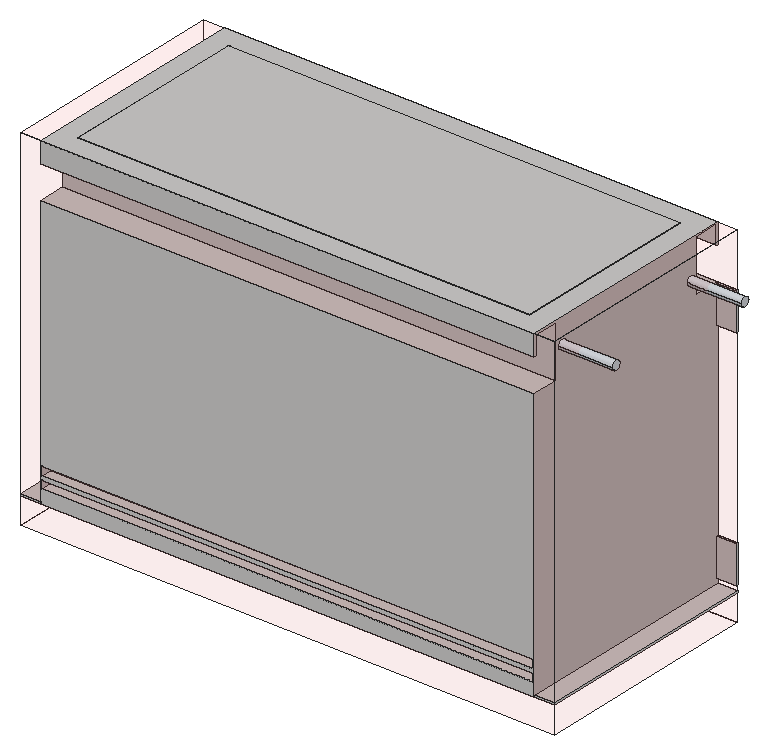
Revit family "Air-Curtain_Climate-Control_PoweredAire_THS", category Mechanical Equipment, host Face, Revit 2025
Family settings
  Host = Face
  Round Connector Dimension = Use Diameter
  Part Type = Normal
  OmniClass Number = 23.75.35.17.21
  OmniClass Title = Air Curtains
  Cut with Voids When Loaded = No
  Maintain Annotation Orientation = No
  Shared = No
  Room Calculation Point = No
Parameters
  upperrotation [instance] = if(Upper Pipe Connection Side A, 0.00°, 180.00°)  # 0.00°
  lowerrotation [instance] = if(Lower Pipe Connection Side A, 0.00°, 180.00°)  # 0.00°
  locateupperpipe [instance] = if(Upper Pipe Connection Side A, 0' 0", Nozzle Width)  # 0' - 0"
  locatelowerpipe [instance] = if(Lower Pipe Connection Side A, 0' 0", Nozzle Width)  # 0' - 0"
  Warranty Duration (Years) = 0
  Upper Pipe Connection Side A [instance] = yes
  Unit Width Notes = "Other Widths available."  # constant formula
  Unit Width = 3' - 3"
  Unit Weight = 0
  Unit Height = 1' - 4 3/4"
  Unit Depth [instance] = if(Include Filters, 2' 1 7/8", 1' 11 3/4")  # 1' - 11 3/4"
  URL = "http://www.poweredaire.com/"
  Test Data = ""
  Temperature Rise_Range = "as Specified"
  Standards Conformance = "as Specified"
  Specification = "http://www.arcat.com/sdspecs/htm04/23_34_33pai.htm"
  SpecWizard = ""
  Sound Pressure = "as Specified"
  Sales Information = "http://www.poweredaire.com/contact_us"
  Revision = "R1_2016-08"
  Projection from Host [instance] = 0' - 2"
  Product Properties = ""
  Product Data = "http://www.arcat.com/arcatcos/cos47/arc47623.html"
  Power Rating = 0 W
  Piping_Water Flow [instance] = 0 GPM
  Piping_Operating Pressure [instance] = 0.00 psi
  Piping_Exit Temperature [instance] = 0 °F
  Piping_Entry Temperature [instance] = 0 °F
  Pipe OD [instance] = 5/8"
  Outlet Volume_Range = "as Specified"
  Outlet Velocity_Range = "as Specified"
  Nozzle Width = if(1 = 1, Unit Width - 0' 3", 0' 0")  # 3' - 0"
  Mounting Width = if(1 = 1, Unit Width - 0' 1 1/2", 0' 0")  # 3' - 1 1/2"
  Mounting Height [instance] = 3' - 6"
  Motor RPM = 0
  Motor HP = 0
  Motor Count = 0
  Model = "As Specified"
  Max Height = 0' - 0"
  Manufacturer Website = "http://www.poweredaire.com/"
  Manufacturer Phone - Toll Free = "888-321-2473"
  Manufacturer Phone = "724-588-3305"
  Manufacturer Fax = "724-588-3371"
  Manufacturer Address = "109 Mortensen Rd.  Greenville, PA 16125"
  Manufacturer = "Powered Aire, Inc"
  Maintenance Schedule (Months) = 0
  Lower Pipe Connection Side A [instance] = yes
  Keynote = "23 34 33"
  Installation-Fabrication = ""
  Installation Phase = ""
  Include Filters [instance] = no
  Include Clearance [instance] = yes
  Heating Element Load = 0 W
  HVAC_Temperature Rise [instance] = 0 °F
  HVAC_Outlet Volume [instance] = 0 CFM
  HVAC_Outlet Velocity Uniformity = 0
  HVAC_Outlet Velocity [instance] = 0 FPM
  HVAC_BTU Input = 0.0 Btu/h
  Green Building-LEED = "http://www.arcat.com/green/clients/leed_data_47623.html"
  Front Grating Material [instance] = Metal - Steel - PoweredAire - Stainless 304 Perforated
  Frame Finish [instance] = Metal - Steel - PoweredAire - Stainless 304
  Expected Lifespan (Years) = 0
  Electrical_Wattage [instance] = Power Rating + Heating Element Load  # 0 W
  Electrical_Voltage [instance] = 0 V
  Electrical_Phase [instance] = 1
  Electrical_Frequency [instance] = 0 Hz
  Electrical_Amperage [instance] = 0 A
  Drawn By = "Sumex Design, Inc. / Robert S. Weygant, CSI, CDT, SCIP"
  Description = "Powered Aire Air Curtain as Specified"
  Default Elevation = 0' - 0"  # constant formula
  Copyright = "©Arcat Inc."
  Construction Details = "http://www.arcat.com/details/powair/prod3336.html"
  Clearance_Top [instance] = 0' - 0"
  Clearance_Side B [instance] = 0' - 0"
  Clearance_Side A [instance] = 0' - 0"
  Clearance_Intake [instance] = 0' - 0"
  Clearance_Bottom [instance] = 0' - 0"
  Clearance Material [instance] = ARCAT Clearance
  Building Codes = ""
  Available Options [instance] = "as Specified"
  Assembly Code = "D3090400"
Reference planes (in)
  plane 1 "Center (Elevation)": y = 0.13818
  plane 2: z = 0
  plane 3 "Center (Left/Right)": x = 0
  plane 4: y = 8.51318
  plane 5: y = -8.23682
  plane 6: x = -19.5
  plane 7: x = 19.5
  plane 8: z = 25.75
  plane 9 "FF": y = -41.86182
  plane 10: z = 2
  plane 11: x = 18
  plane 12: x = -18
  plane 13: y = 8.51318
  plane 14: y = -8.23682
  plane 15: x = -19.5
  plane 16: x = 19.5
  plane 17: z = 25.75
  plane 18: x = 17.9375
  plane 19: x = -17.9375
  plane 20: x = 18
  plane 21: x = 18
  plane 22: y = 6.01318
  plane 23: y = -5.73682
Forms (in)
  Extrusion 1, solid, material "Metal - Steel - PoweredAire - Stainless 304" <- "Frame Finish"
    sketch origin (0, 0, 0) x (0, 1, 0) y (0, 0, 1)
      loop
        line (-8.23682, 2) -> (8.51318, 2) -> (8.51318, 21.8125) -> (6.51318, 21.8125) -> (6.51318, 25.625) -> (8.38818, 25.625) -> (8.38818, 24.25) -> (8.51318, 24.25) -> (8.51318, 25.75) -> (-8.23682, 25.75) -> (-8.23682, 24.25) -> (-8.11182, 24.25) -> (-8.11182, 25.625) -> (-6.23682, 25.625) -> (-6.23682, 21.8125) -> (-8.23682, 21.8125) -> (-8.23682, 2)
    from -18 to 18
  Extrusion 2, solid, material "ARCAT Clearance" <- "Clearance Material", visible <- "Include Clearance"
    sketch origin (0, 0, 0) x (0, 1, 0) y (0, 0, 1)
      loop
        line (-8.23682, 25.75) -> (-8.23682, 0) -> (8.51318, 0) -> (8.51318, 25.75) -> (-8.23682, 25.75)
    from -19.5 to 19.5
  Extrusion 3, solid, material "Metal - Steel - PoweredAire - Stainless 304" <- "Frame Finish"
    sketch origin (-15.17702, -180, 2) x (-1, 0, 0) y (0, -1, 0)
      loop
        line (-33.17702, -188.51318) -> (-33.17702, -171.76318) -> (-34.67702, -171.76318) -> (-34.67702, -188.51318) -> (-33.17702, -188.51318)
      loop
        line (2.82298, -188.51318) -> (4.32298, -188.51318) -> (4.32298, -171.76318) -> (2.82298, -171.76318) -> (2.82298, -188.51318)
    from 0 to 0.125
  Extrusion 4, solid, material "Metal - Steel - PoweredAire - Stainless 304" <- "Frame Finish"
    sketch origin (-11.83813, 8.51318, 48) x (-1, 0, 0) y (0, 0, 1)
      loop
        line (-29.83813, -45.5) -> (-29.83813, -42.75) -> (-31.33813, -42.75) -> (-31.33813, -45.5) -> (-29.83813, -45.5)
      loop
        line (-29.83813, -28.9375) -> (-29.83813, -26.1875) -> (-31.33813, -26.1875) -> (-31.33813, -28.9375) -> (-29.83813, -28.9375)
      loop
        line (6.16187, -45.5) -> (7.66187, -45.5) -> (7.66187, -42.75) -> (6.16187, -42.75) -> (6.16187, -45.5)
      loop
        line (6.16187, -28.9375) -> (7.66187, -28.9375) -> (7.66187, -26.1875) -> (6.16187, -26.1875) -> (6.16187, -28.9375)
    from 0 to -0.125
  Extrusion 5, void
    sketch origin (0, 0, 0) x (0, 1, 0) y (0, 0, 1)
      loop
        line (-8.23682, 3) -> (-7.23682, 3) -> (-7.23682, 4.5) -> (-8.23682, 4.5) -> (-8.23682, 3.82425) -> (-7.38364, 3.82425) -> (-7.38364, 3.57425) -> (-8.23682, 3.57425) -> (-8.23682, 3)
    from -17.9375 to 17.9375
  Extrusion 6, solid, material "Metal - Steel - PoweredAire - Stainless 304 Perforated" <- "Front Grating Material"
    sketch origin (0, -8.23682, 25.75) x (0, 1, 0) y (-1, 0, 0)
      loop
        line (15.25, 16.5) -> (1.5, 16.5) -> (1.5, -16.5) -> (15.25, -16.5) -> (15.25, 16.5)
    from 0 to 0.03125
  Sweep 7, solid
    path origin (18, 6.01318, 0) x (1, 0, 0) y (0, 1, 0)
      loop
        line (0, 0) -> (4, 0)
    profile origin (20, 6.01318, 0) x (0, 1, 0) y (0, 0, 1)
      loop
        circle (0, 23) r 0.3125
  Sweep 8, solid
    path origin (18, -5.73682, 0) x (1, 0, 0) y (0, 1, 0)
      loop
        line (0, 0) -> (4, 0)
    profile origin (20, -5.73682, 0) x (0, 1, 0) y (0, 0, 1)
      loop
        circle (0, 24) r 0.3125
Cuts and joins
  Extrusion 5 cuts Extrusion 1
Lines and regions (in)
  reference lines
    curve 1: line (18, 6.01318, 0) -> (22.75, 6.01318, 0)
    curve 2: line (18, -5.73682, 0) -> (23.75, -5.73682, 0)
Dimensions and locks (in)
  equal spacing: plane 4, plane 1 "Center (Elevation)", plane 5
  "Unit Height": plane 4 to plane 5
  equal spacing: plane 6, plane 3 "Center (Left/Right)", plane 7
  "Unit Width": plane 6 to plane 7
  "Mounting Height": plane 1 "Center (Elevation)" to plane 9 "FF"
  "Projection from Host": plane 10 to level
  "Unit Depth": plane 8 to plane 10
  locked: plane 6 to plane 12 at 1.5
  locked: plane 11 to plane 7 at 1.5
  "Clearance_Side A": plane 7 to plane 16
  "Clearance_Side B": plane 15 to plane 6
  "Clearance_Top": plane 13 to plane 4
  "Clearance_Bottom": plane 5 to plane 14
  "Clearance_Intake": plane 17 to plane 8
  plane 5 to Extrusion 1 sketch curve to Extrusion 1 sketch curve = 0' - 0 1/8" locked, 0' - 1 7/8" locked
  Extrusion 1 sketch curve to Extrusion 1 sketch curve to plane 4 = 0' - 1 7/8" locked, 0' - 0 1/8" locked
  Extrusion 4 sketch curve to Extrusion 4 sketch curve to Extrusion 4 sketch curve to Extrusion 4 sketch curve to plane 10 = 0' - 2 3/4" locked, 1' - 1 13/16" locked, 0' - 2 3/4" locked, 0' - 0 1/2" locked
  Extrusion 4 sketch curve to Extrusion 4 sketch curve to Extrusion 4 sketch curve to Extrusion 4 sketch curve = 0' - 2 3/4" locked, 1' - 1 13/16" locked, 0' - 2 3/4" locked
  locked: Extrusion 4 sketch curve to plane 10 at 0.5
  plane 8 to Extrusion 1 sketch curve to Extrusion 1 sketch curve = 0' - 0 1/8" locked, 0' - 1 3/8" locked  (x2)
  locked: Extrusion 1 sketch curve to plane 10 at 19.8125  (x2)
  Extrusion 5 sketch curve to Extrusion 5 sketch curve to Extrusion 5 sketch curve to Extrusion 5 sketch curve to plane 10 = 0' - 0.67575" locked, 0' - 0 1/4" locked, 0' - 0.57425" locked, 0' - 1" locked
  plane 5 to Extrusion 5 sketch curve to Extrusion 5 sketch curve = 0' - 0.85319" locked, 0' - 0.14681" locked
  locked: plane 19 to plane 12 at 0.0625
  locked: plane 11 to plane 18 at 0.0625
  locked: plane 4 to Extrusion 6 sketch curve at 1.5
  locked: Extrusion 6 sketch curve to plane 5 at 1.5
  locked: Extrusion 6 sketch curve to plane 11 at 1.5
  locked: plane 12 to Extrusion 6 sketch curve at 1.5
  "locateupperpipe": plane 20 to plane 11
  "locatelowerpipe": plane 21 to plane 11
  locked: plane 4 to plane 22 at 2.5
  locked: plane 23 to plane 5 at 2.5
  locked: curve 1 to Sweep 7 sketch curve at 4
  locked: curve 1 to Sweep 7 sketch curve
  locked: Sweep 7 sketch curve to plane 10 at 21
  locked: curve 2 to Sweep 8 sketch curve at 4
  locked: curve 2 to Sweep 8 sketch curve
  locked: Sweep 8 sketch curve to plane 10 at 22
  "upperrotation": angle plane 22 to curve 1
  "lowerrotation": angle plane 23 to curve 2
  aligned and locked: plane 2 to host face
  aligned and locked: level to host face
  aligned and locked: Extrusion 2 sketch curve to plane 17
  aligned and locked: plane 14 to Extrusion 2 sketch curve
  aligned and locked: level to Extrusion 2 sketch curve
  aligned and locked: Extrusion 2 sketch curve to plane 13
  aligned and locked: plane 16 to Extrusion 2
  aligned and locked: Extrusion 2 to plane 15
  aligned and locked: plane 11 to Extrusion 1
  aligned and locked: Extrusion 1 to plane 12
  aligned and locked: plane 21 to curve 2
  aligned and locked: plane 23 to curve 2
  aligned and locked: plane 22 to curve 1
  aligned and locked: plane 20 to curve 1
Automatic sketch dimensions
  host sketch curve to host sketch curve = 8' - 0"  (x2)
  Extrusion 1 sketch curve to plane 5 = 0' - 0"  (x2)
  Extrusion 1 sketch curve to plane 4 = 0' - 0"  (x2)
  Extrusion 1 sketch curve to plane 10 = 0' - 0"
  Extrusion 1 sketch curve to plane 8 = 0' - 0"
  plane 4 to Extrusion 3 sketch curve = 0' - 0"
  Extrusion 3 sketch curve to plane 7 = 0' - 0"
  plane 5 to Extrusion 3 sketch curve = 0' - 0"
  Extrusion 3 sketch curve to plane 11 = 0' - 0"
  Extrusion 3 sketch curve to plane 4 = 0' - 0"
  Extrusion 3 sketch curve to plane 12 = 0' - 0"
  Extrusion 3 sketch curve to plane 6 = 0' - 0"
  Extrusion 3 sketch curve to plane 5 = 0' - 0"
  Extrusion 4 sketch curve to plane 7 = 0' - 0"  (x2)
  Extrusion 4 sketch curve to plane 11 = 0' - 0"  (x2)
  Extrusion 4 sketch curve to plane 12 = 0' - 0"  (x2)
  Extrusion 4 sketch curve to plane 6 = 0' - 0"  (x2)
  Extrusion 5 sketch curve to plane 5 = 0' - 0"  (x2)
  Sweep 7 sketch curve to profile plane = 0' - 0"
  Sweep 8 sketch curve to profile plane = 0' - 0"
  radius of Sweep 7 sketch curve = 0' - 0 5/16"
  radius of Sweep 8 sketch curve = 0' - 0 5/16"
Connectors (in)
  piping at (22, 6.01318, 23), diameter 0.625, driven by "Pipe OD", driven by "Piping_Water Flow"
    settings: on Sweep 7, index 1, connector inside diameter 24", connector length 0' - 0", flow factor 0, pipe flow 0 GPM, pressure drop 0.00 psi, fitting loss kfactor 0, connector angle 0.00°, fixture units 0, engagement length 0' - 0", angle of deflection 0.00°, flow configuration 0, flow direction 0, fitting loss method 0, system type 29, joint type 0, gender type 0, connector reference index -1, connector utility 0, adjustable connector no, is connector primary yes, connector description "Define Supply or Return and Location"
  piping at (22, -5.73682, 24), diameter 0.625, driven by "Pipe OD", driven by "Piping_Water Flow"
    settings: on Sweep 8, index 2, connector inside diameter 24", connector length 0' - 0", flow factor 0, pipe flow 0 GPM, pressure drop 0.00 psi, fitting loss kfactor 0, connector angle 0.00°, fixture units 0, engagement length 0' - 0", angle of deflection 0.00°, flow configuration 0, flow direction 0, fitting loss method 0, system type 29, joint type 0, gender type 0, connector reference index -1, connector utility 0, adjustable connector no, is connector primary no, connector description "Define Supply or Return and Location"
  electrical at (-18, 0.13818, 21.39062), driven by "Electrical_Voltage", driven by "Electrical_Phase"
    settings: on cut or joined group of Extrusion 1, Extrusion 5, index 3, voltage 0 V, apparent load 0 VA, apparent load phase1 0 VA, apparent load phase2 0 VA, apparent load phase3 0 VA, power factor 1, load classification "Motor", number of poles 1, system type 31, power factor state 1, is connector primary yes, connector utility no, sub classification motor no, connector description ""
